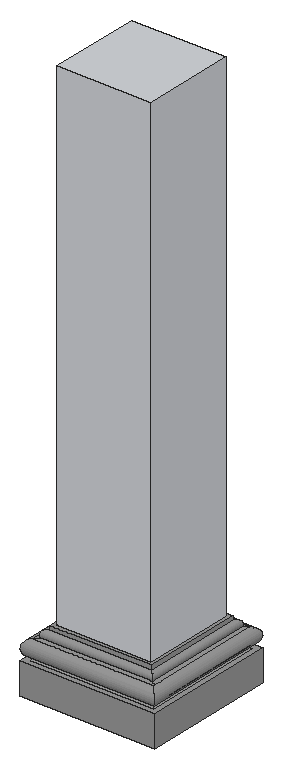
Revit family "Stub sa soklom", category Columns, Revit 2013
Parameters (values of type "18" x 18"")
  Assembly Code = "B1010200"
  Depth = 45.72 cm
  Material = none
  Offset Base = 0 cm
  Offset Top = 0 cm
  Width = 45.72 cm
Types (3, lengths in cm): name | Depth | Material | Width
  24" x 24" | 60.96 | Paint | 60.96
  18" x 24" | 45.72 | none | 60.96
  18" x 18" | 45.72 | none | 45.72
Reference planes (cm)
  plane 1: y = 0
  plane 2: z = 0
  plane 3: x = 0
  plane 4: z = 274.32
  plane 5: z = 0
Forms (cm)
  Extrusion 1, solid, material <- "Material"
    sketch origin (0, 0, 0) x (1, 0, 0) y (0, 1, 0)
      loop
        line (-22.86, 22.86) -> (-22.86, -22.86) -> (22.86, -22.86) -> (22.86, 22.86) -> (-22.86, 22.86)
    from 0 to 274.32
  Sweep 2, solid, material "Stone"
    path in 3D
      loop
        line (-22.86, -22.86, 0) -> (-22.86, 22.86, 0) -> (22.86, 22.86, 0) -> (22.86, -22.86, 0) -> (-22.86, -22.86, 0)
    profile "sokla stuba : sokla stuba" origin (0, -22.86, 0) x (0, 1, 0) y (0, 0, -1)
      loop
        line (0, 0) -> (-10, 0) -> (-10, -15) -> (-7, -15)
        arc (-7, -15) -> (-6.4369, -15.75) -> (-7, -16.5) r 0.781
        arc (-7, -16.5) -> (-10.0005, -20.7876) -> (-6.4554, -24.6371) r 4.1746
        line (-6.4554, -24.6371) -> (-4.4635, -24.9364)
        arc (-4.4635, -24.9364) -> (-4.298, -27.3256) -> (-2, -28) r 2.096
        line (-2, -28) -> (-2, -30) -> (0, -30) -> (0, 0)
Lines and regions (cm)
  symbolic lines, style "InvisibleLines"
    curve 1: line (-22.86, 22.86, 0) -> (22.86, 22.86, 0)
    curve 2: line (-22.86, -22.86, 0) -> (-22.86, 22.86, 0)
    curve 3: line (22.86, -22.86, 0) -> (-22.86, -22.86, 0)
    curve 4: line (22.86, 22.86, 0) -> (22.86, -22.86, 0)
  sketch lines
    curve 5: line (22.86, -22.86, 0) -> (-22.86, -22.86, 0)
    curve 6: line (22.86, 22.86, 0) -> (22.86, -22.86, 0)
    curve 7: line (-22.86, 22.86, 0) -> (22.86, 22.86, 0)
    curve 8: line (-22.86, -22.86, 0) -> (-22.86, 22.86, 0)
Dimensions and locks (cm)
  "Offset Base": plane 5 to level
  "Offset Top": level to plane 4
  "Width": curve 2 to curve 4
  "Depth": curve 1 to curve 3
  equal spacing: curve 3, plane 1, curve 1
  equal spacing: curve 2, plane 3, curve 4
  aligned and locked: Extrusion 1 to plane 5
  aligned and locked: plane 4 to Extrusion 1
  aligned and locked: Extrusion 1 sketch curve to curve 1  (x3)
  aligned and locked: Extrusion 1 sketch curve to curve 2
